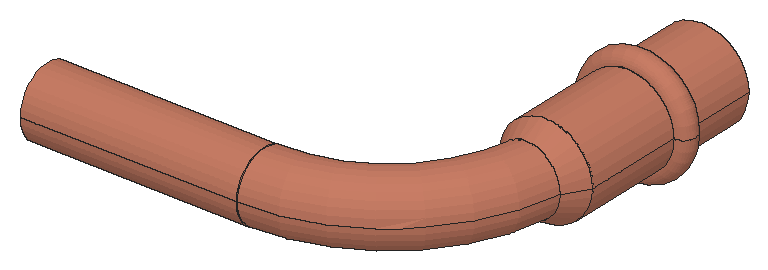
Revit family "Pipefitting_IBP_Conex_MaxiPro_90°StreetElbow_MP5001", category Pipe Fittings, Revit 2019
Family settings
  Round Connector Dimension = Use Diameter
  Part Type = Elbow
  OmniClass Number = 23.65.00.00
  OmniClass Title = Supply and Distribution of Liquids and Gases
  Work Plane-Based = No
  Always vertical = No
  Cut with Voids When Loaded = No
  Shared = No
Parameters (values of type "MP5001 0020000 1/4"")
  _DistributedBy = "www.bimmepaus.com.au/"
  _CurrentRevision = 1  # constant formula
  _CreatedBy = "technical@ibpgroup.com"
  _BimstoreBibleVersion = "14"  # constant formula
  _BimSpecGuid = 0  # constant formula
  _AuthorisedBy = ""
  _Author = "Luke Brown"  # constant formula
  Weight = 0.00 kg
  WarrantyStartDate [instance] = "Please Record On Commissioning."
  WarrantyGuarantorParts = "technical@ibpgroup.com"  # constant formula
  WarrantyGuarantorLabor = "technical@ibpgroup.com"  # constant formula
  WarrantyDurationMonths = 60  # constant formula
  WarrantyDescription = "Product Guarantee"  # constant formula
  URL = "http://www.conexbanninger.com/"
  Type Comments = "1/4\""
  SurfaceFinish = "Natural"  # constant formula
  SpareParts = "n/a"
  Size = Type Comments  # "1/4\""
  Shape = "Cylindrical"  # constant formula
  SerialNumber [instance] = "Please Record On Commissioning."
  SealType = "HNBR"
  ReplacementCost = "n/a"
  RefrigerantType = ""
  RefrigerantSafetyClass = ""
  RefrigerantCircuitNumber = ""
  ReferencedStandard = "n/a"
  ProductionYear = "n/a"  # constant formula
  ProductCode = Model  # "MP5001 0020000"
  PressJawCompatability = "MaxiPro Jaws supplied by Rothenberger"  # constant formula
  PressEnd_OD = 8.3 mm
  PipeConnectorType = "Press x Copper"  # constant formula
  OperatingMaintenanceManual = ""
  ORingTemperatureRange = "-40°C to 140°C"  # constant formula
  NominalLength = 0 mm  # constant formula
  NominalHeight = 0 mm  # constant formula
  NominalDepth = 0 mm  # constant formula
  NBSReference = "90-10-65/315"  # constant formula
  NBSOfficeMasterTag = "n/a"  # constant formula
  NBSObjectName = "IBP - Copper pipeline fittings"  # constant formula
  NBSNote = "n/a"  # constant formula
  NBSDescription = "Copper pipeline fittings"  # constant formula
  ModelReference = Type Comments  # "1/4\""
  ModelNumber = Model  # "MP5001 0020000"
  Model = "MP5001 0020000"
  MaxHydrostaticPressure = 48 bar
  MaterialType = "Refrigerant Grade Copper, C12200"  # constant formula
  Material = Copper, C12200
  ManufacturerName = "IBP"  # constant formula
  Manufacturer = "Conex Banninger"  # constant formula
  TubeStop_Formula = A_PressEndLength - L1_TubeStop  # 14.5 mm
  MainBody_Dia = 6.3 mm
  L1_TubeStop = 18 mm
  Keynote = "S"  # constant formula
  InstallationDate [instance] = "Please Record On Commissioning."
  IfcExportType = "IfcPipeFittingType"  # constant formula
  IfcExportAs = "IfcPipeFitting"  # constant formula
  Grade = "n/a"
  FluidTemperatureMin = 273.15 °C - 40 °C + -273.15 °C  # -40 °C
  FluidTemperatureMax = 121 °C  # constant formula
  FittingType = Description  # "90° Street Elbow"
  Features = "n/a"
  ExpectedServiceLifeYears = 25  # constant formula
  E_StreetEndLength = 34.5 mm
  DocumentationTechnical = ""
  DocumentationLiterature = ""
  DocumentationInstallationGuide = ""
  DocumentationCertificates = ""
  Description = "90° Street Elbow"  # constant formula
  DN = 6.4 mm
  CreatedOn = " "
  CreatedBy = "technical@ibpgroup.com"  # constant formula
  Contact = "technical@ibpgroup.com"  # constant formula
  Constituents = "n/a"
  Colour = "n/a"  # constant formula
  CodePerformance = "n/a"
  ClassificationValue = "Pr_65_52_63_18"  # constant formula
  ClassificationName = "Uniclass2015"  # constant formula
  Bead_Dia = 2.3 mm
  Bead_Depth = 7.5 mm
  BeadLocation_Formula = A_PressEndLength - Bead_Depth  # 25 mm
  Barcode [instance] = "Please Record On Commissioning."
  BIMObjectName = "PipefittingP_IBP_Conex_MaxiPro_90DegreeStreetElbow_MP5001"  # constant formula
  AssetType = "Fixed"  # constant formula
  AssetIdentifier [instance] = "Please Record On Commissioning."
  Assembly Code = "D20"
  Application = "Air conditioning & refrigeration"  # constant formula
  Angle = 30.00°
  AccessibilityPerformance = "n/a"
  A_PressEndLength = 32.5 mm
Types (8, lengths in mm): name | Type Comments | Size | ProductCode | PressEnd_OD | ModelReference | ModelNumber | Model | TubeStop_Formula | MainBody_Dia | L1_TubeStop | E_StreetEndLength | DN | Bead_Dia | Bead_Depth | BeadLocation_Formula | A_PressEndLength
  MP5001 0020000 1/4" | "1/4\"" | "1/4\"" | "MP5001 0020000" | 8.3 | "1/4\"" | "MP5001 0020000" | "MP5001 0020000" | 14.5 | 6.3 | 18 | 34.5 | 6.4 | 2.3 | 7.5 | 25 | 32.5
  MP5001 0030000 3/8" | "3/8\"" | "3/8\"" | "MP5001 0030000" | 11.5 | "3/8\"" | "MP5001 0030000" | "MP5001 0030000" | 15 | 9.5 | 18 | 34.5 | 9.6 | 2.3 | 7 | 26 | 33
  MP5001 0040000 1/2" | "1/2\"" | "1/2\"" | "MP5001 0040000" | 15.4 | "1/2\"" | "MP5001 0040000" | "MP5001 0040000" | 13.8 | 12.7 | 17.5 | 34.5 | 12.8 | 2.5 | 7 | 24.3 | 31.3
  MP5001 0050000 5/8" | "5/8\"" | "5/8\"" | "MP5001 0050000" | 19 | "5/8\"" | "MP5001 0050000" | "MP5001 0050000" | 18 | 15.9 | 21 | 45 | 16 | 2.7 | 8 | 31 | 39
  MP5001 0060000 3/4" | "3/4\"" | "3/4\"" | "MP5001 0060000" | 22 | "3/4\"" | "MP5001 0060000" | "MP5001 0060000" | 20.5 | 19 | 22 | 48 | 19.2 | 2.8 | 10 | 32.5 | 42.5
  MP5001 0070000 7/8" | "7/8\"" | "7/8\"" | "MP5001 0070000" | 25.5 | "7/8\"" | "MP5001 0070000" | "MP5001 0070000" | 26 | 22.2 | 24 | 53 | 22.4 | 3.3 | 10 | 40 | 50
  MP5001 0080000 1" | "1\"" | "1\"" | "MP5001 0080000" | 28.8 | "1\"" | "MP5001 0080000" | "MP5001 0080000" | 29.5 | 25.4 | 23.5 | 56 | 25.6 | 3.1 | 10.2 | 42.8 | 53
  MP5001 0080000 1 1/8" | "1 1/8\"" | "1 1/8\"" | "MP5001 0090000" | 32.1 | "1 1/8\"" | "MP5001 0090000" | "MP5001 0090000" | 31.5 | 28.5 | 25.5 | 61.5 | 28.8 | 3.3 | 10.2 | 46.8 | 57
Reference planes
  plane 1 "Center (Front/Back)": y = 0
  plane 2: z = 0
  plane 3 "Center (Left/Right)": x = 0
  plane 4: y = 32.5
  plane 5: x = -34.5
  plane 6: x = 3.2
  plane 7: x = -3.2
  plane 8: y = 25
  plane 9: x = 4.15
  plane 10: x = -4.15
  plane 11 "PressEnd_Connection": y = 14.5
  plane 12 "1": x = -14.5
Forms (mm)
  Revolve 1, solid, material "Copper, C12200" <- "Material", detail levels fine
    sketch origin (0, 0, 0) x (1, 0, 0) y (0, 1, 0)
      loop
        line (0, 25) -> (0, 7.087) -> (4.28, 14.5) -> (4.28, 23.85)
        arc (4.28, 23.85) -> (5.43, 25) -> (4.28, 26.15) r 1.15
        line (4.28, 26.15) -> (4.28, 32.5) -> (3.2, 32.5) -> (3.2, 25) -> (0, 25)
      axis (0, 7.087) -> (0, 32.5)
    angle from 0 to 360
  Sweep 2, solid, material "Copper, C12200" <- "Material", detail levels fine
    path origin (0, 0, 0) x (1, 0, 0) y (0, 1, 0)
      loop
        arc (0, 14.5) -> (-4.247, 4.247) -> (-14.5, 0) r 14.5
    profile origin (-14.5, 0, 0) x (0, -1, 0) y (0, 0, 1)
      loop
        circle (0, 0) r 3.15
  Extrusion 3, solid, material "Copper, C12200" <- "Material", detail levels fine
    sketch origin (0, 0, 0) x (0, 1, 0) y (0, 0, 1)
      loop
        circle (0, 0) r 3.15
    from -34.5 to -14.5
Cuts and joins
  joined: Revolve 1, Sweep 2
Dimensions and locks
  "A_PressEndLength": plane 4 to plane 1 "Center (Front/Back)"
  "E_StreetEndLength": plane 5 to plane 3 "Center (Left/Right)"
  equal spacing: plane 7, plane 3 "Center (Left/Right)", plane 6
  "DN": plane 7 to plane 6
  "BeadLocation_Formula": plane 8 to plane 1 "Center (Front/Back)"
  equal spacing: plane 10, plane 3 "Center (Left/Right)", plane 9
  "PressEnd_OD": plane 10 to plane 9
  "TubeStop_Formula": plane 11 "PressEnd_Connection" to plane 1 "Center (Front/Back)"
  "TubeStop_Formula": plane 12 "1" to plane 3 "Center (Left/Right)"
  "Bead_Dia": diameter of Revolve 1 sketch curve
  "MainBody_Dia": diameter of Sweep 2 sketch curve
  "MainBody_Dia": diameter of Extrusion 3 sketch curve
  "Angle": angle Revolve 1 sketch curve to Revolve 1 sketch curve
  aligned and locked: level to plane 2
  aligned and locked: plane 5 to Extrusion 3
  aligned and locked: Extrusion 3 to plane 12 "1"
  aligned and locked: plane 1 "Center (Front/Back)" to nested 1
  aligned and locked: plane 3 "Center (Left/Right)" to nested 1
Automatic sketch dimensions
  plane 1 "Center (Front/Back)" to Sweep 2 sketch curve = 0 mm
  Sweep 2 sketch curve to plane 12 "1" = 0 mm
  Sweep 2 sketch curve to plane 3 "Center (Left/Right)" = 0 mm
  Revolve 1 sketch curve to plane 3 "Center (Left/Right)" = 0 mm  (x2)
  Revolve 1 sketch curve to plane 6 = 0 mm
  Revolve 1 sketch curve to plane 4 = 0 mm  (x2)
  Revolve 1 sketch curve to plane 11 "PressEnd_Connection" = 0 mm
  Revolve 1 sketch curve to plane 8 = 0 mm  (x2)
  plane 9 to Revolve 1 sketch curve = 0.13 mm
  Revolve 1 sketch curve to Revolve 1 sketch curve = 5.539 mm
  Sweep 2 sketch curve to level = 0 mm
  Sweep 2 sketch curve to profile plane = 0 mm
  Extrusion 3 sketch curve to level = 0 mm
  Extrusion 3 sketch curve to plane 1 "Center (Front/Back)" = 0 mm
Nested families
  nested 1: "90 Degree Elbow" at (-34.5, 32.5, 0) x (0, -1, 0) z (0, 0, 1), type "90 Degree Elbow", detail levels coarse+medium
Connectors
  piping at (0, 14.5, 0), diameter 6.4, driven by "DN"
    settings: index 1, connector inside diameter 609.6 mm, connector length 0 mm, flow factor 0, pipe flow 0.0 L/s, pressure drop 0 bar, fitting loss kfactor 0, connector angle 0.00°, fixture units 0, engagement length 0 mm, angle of deflection 0.00°, flow configuration 0, flow direction 0, fitting loss method 0, system type 7, joint type 0, gender type 0, connector reference index -1, connector utility 0, adjustable connector no, is connector primary yes, connector description ""
  piping at (-34.5, 0, 0), diameter 6.4, driven by "DN"
    settings: on Extrusion 3, index 2, connector inside diameter 609.6 mm, connector length 0 mm, flow factor 0, pipe flow 0.0 L/s, pressure drop 0 bar, fitting loss kfactor 0, connector angle 0.00°, fixture units 0, engagement length 0 mm, angle of deflection 0.00°, flow configuration 0, flow direction 0, fitting loss method 0, system type 7, joint type 0, gender type 0, connector reference index -1, connector utility 0, adjustable connector no, is connector primary no, connector description ""
Definition of nested family "90 Degree Elbow"
  Parameters (values of type "90 Degree Elbow")
    rad = L / 2  # 19.112 mm
    d1 = 15 mm
    L2 = 38.224 mm
    L = 38.224 mm
  Reference planes
    plane 1 "Center (Front/Back)": y = 0
    plane 2: z = 0
    plane 3 "Center (Left/Right)": x = 0
    plane 4: y = 38.224
    plane 5: x = 38.224
    plane 6: x = 45.724
    plane 7: x = 30.724
    plane 8: y = 45.724
    plane 9: y = 30.724
  Lines and regions (mm)
    model lines
      curve 1: line (38.224, 0, 0) -> (38.224, 19.112, 0)
      curve 2: line (19.112, 38.224, 0) -> (0, 38.224, 0)
      curve 3: arc (19.112, 38.224, 0) -> (32.626, 32.626, 0) -> (38.224, 19.112, 0) r 19.112
      curve 4: line (0, 30.724, 0) -> (0, 45.724, 0)
      curve 5: line (30.724, 0, 0) -> (45.724, 0, 0)
  Dimensions and locks
    "L": plane 3 "Center (Left/Right)" to plane 5
    "L2": plane 4 to plane 1 "Center (Front/Back)"
    equal spacing: plane 7, plane 5, plane 6
    equal spacing: plane 8, plane 4, plane 9
    "d1": plane 8 to plane 9
    "d1": plane 7 to plane 6
    "rad": radius of curve 3
    aligned and locked: level to plane 2
  Automatic sketch dimensions
    curve 4 to plane 3 "Center (Left/Right)" = 0 mm
    curve 2 to plane 4 = 0 mm
    plane 1 "Center (Front/Back)" to curve 5 = 0 mm
    curve 5 to plane 7 = 0 mm
    curve 1 to plane 5 = 0 mm
    curve 5 to plane 6 = 0 mm
    curve 4 to plane 9 = 0 mm
    curve 4 to plane 8 = 0 mm
